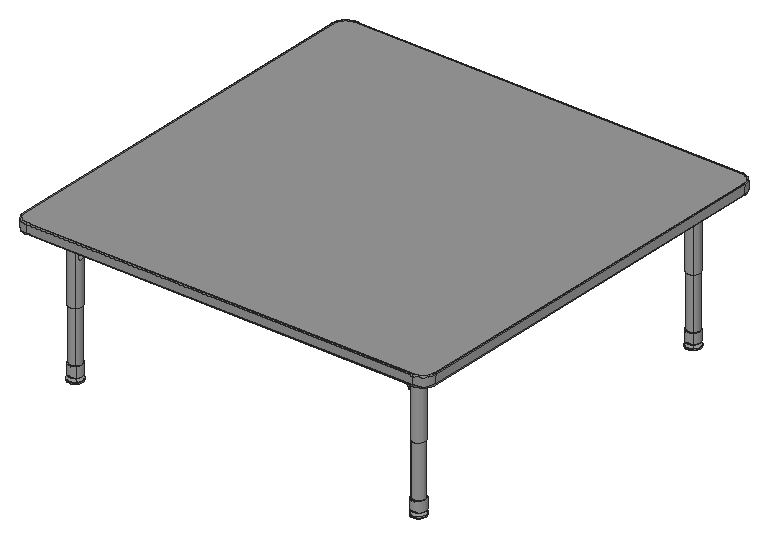
Revit family "Hierarchy Activity 48in Square Table - Youth Height", category Furniture, Revit 2018
Family settings
  Work Plane-Based = No
  Always vertical = Yes
  Cut with Voids When Loaded = No
  Shared = No
  Room Calculation Point = No
Parameters
  Table Height = 1' - 4"
  Surface = Hierarchy Activity 48" Square Table Standing Surface
  Leg Finish = Hierarchy Leg Platinum
  Edgeband = Hierarchy Activity 48" Square Table Standing Edgeband
  Caster/Glide = Hierarchy Youth Leg - Glide : Hierarchy Youth Leg - Glide
Reference planes (in)
  plane 1 "Center (Front/Back)": y = 0
  plane 2: z = 0
  plane 3 "Center (Left/Right)": x = 0
  plane 4: z = 16
Dimensions and locks (in)
  "Table Height": plane 4 to level
  aligned and locked: plane 2 to level
  aligned and locked: nested 1 to plane 4
Nested families (in)
  nested 1: "Activity 48x48 Tabletop" at (0, 0, -7.925), type "Activity 48x48 Tabletop"
  nested 2: "Hierarchy Youth Leg - Glide" at (-20, 20, 0) x (0.7071, 0.7071, 0) z (0, 0, 1), type <- "Caster/Glide", Leg Finish <- "Leg Finish", Leg Height <- "Table Height", type "Hierarchy Youth Leg - Glide"
    with Leg Height 1' - 4", Leg Finish Hierarchy Leg Platinum
  nested 3: "Hierarchy Youth Leg - Glide" at (-20, -20, 0) x (-0.7071, 0.7071, 0) z (0, 0, 1), type <- "Caster/Glide", Leg Finish <- "Leg Finish", Leg Height <- "Table Height", type "Hierarchy Youth Leg - Glide"
    with Leg Height 1' - 4", Leg Finish Hierarchy Leg Platinum
  nested 4: "Hierarchy Youth Leg - Glide" at (20, -20, 0) x (-0.7071, -0.7071, 0) z (0, 0, 1), Leg Finish <- "Leg Finish", Leg Height <- "Table Height", type "Hierarchy Youth Leg - Glide"
    with Leg Height 1' - 4", Leg Finish Hierarchy Leg Platinum
  nested 5: "Hierarchy Youth Leg - Glide" at (20, 20, 0) x (0.7071, -0.7071, 0) z (0, 0, 1), Leg Finish <- "Leg Finish", Leg Height <- "Table Height", type "Hierarchy Youth Leg - Glide"
    with Leg Height 1' - 4", Leg Finish Hierarchy Leg Platinum
Definition of nested family "Activity 48x48 Tabletop"
  Parameters (values of type "Activity 48x48 Tabletop")
    Surface = none
    Edgeband = none
  Reference planes (in)
    plane 1 "Center (Front/Back)": y = 0
    plane 2: z = 0
    plane 3 "Center (Left/Right)": x = 0
  Forms (in)
    Extrusion 1, solid, material <- "Surface"
      sketch origin (0, 3, 0) x (1, 0, 0) y (0, 1, 0)
        loop
          line (22.5, 20.88281) -> (-22.5, 20.88281)
          arc (-22.5, 20.88281) -> (-23.47714, 20.47807) -> (-23.88189, 19.50092) r 1.38189
          line (-23.88189, 19.50092) -> (-23.88189, -25.50092)
          arc (-23.88189, -25.50092) -> (-23.47714, -26.47807) -> (-22.5, -26.88281) r 1.38189
          line (-22.5, -26.88281) -> (22.5, -26.88281)
          arc (22.5, -26.88281) -> (23.47714, -26.47807) -> (23.88189, -25.50092) r 1.38189
          line (23.88189, -25.50092) -> (23.88189, 19.50092)
          arc (23.88189, 19.50092) -> (23.47714, 20.47807) -> (22.5, 20.88281) r 1.38189
      from 23.925 to 25.125
    Sweep 2, solid, material <- "Edgeband"
      path origin (0, 3, 0) x (1, 0, 0) y (0, 1, 0)
        loop
          line (22.5, 20.88281) -> (-22.5, 20.88281)
          arc (-22.5, 20.88281) -> (-23.47714, 20.47807) -> (-23.88189, 19.50092) r 1.38189
          line (-23.88189, 19.50092) -> (-23.88189, -25.50092)
          arc (-23.88189, -25.50092) -> (-23.47714, -26.47807) -> (-22.5, -26.88281) r 1.38189
          line (-22.5, -26.88281) -> (22.5, -26.88281)
          arc (22.5, -26.88281) -> (23.47714, -26.47807) -> (23.88189, -25.50092) r 1.38189
          line (23.88189, -25.50092) -> (23.88189, 19.50092)
          arc (23.88189, 19.50092) -> (23.47714, 20.47807) -> (22.5, 20.88281) r 1.38189
      profile origin (0, 23.88281, 0) x (0, -1, 0) y (0, 0, 1)
        loop
          arc (-0.11811, 24.04311) -> (-0.08352, 23.95959) -> (0, 23.925) r 0.11811
          line (0, 23.925) -> (0, 25.125)
          arc (0, 25.125) -> (-0.08352, 25.09041) -> (-0.11811, 25.00689) r 0.11811
          line (-0.11811, 25.00689) -> (-0.11811, 24.04311)
  Dimensions and locks (in)
    aligned and locked: plane 2 to level
Definition of nested family "Hierarchy Youth Leg - Glide"
  Parameters (values of type "Hierarchy Youth Leg - Glide")
    Leg Finish [instance] = none
    Leg Height [instance] = 1' - 4.80117"
  Reference planes (in)
    plane 1 "Center (Front/Back)": y = 0
    plane 2: z = 0
    plane 3 "Center (Left/Right)": x = 0
  Forms (in)
    Extrusion 1, solid
      sketch origin (-0.01562, 0, 0) x (1, 0, 0) y (0, 1, 0)
        loop
          circle (0.01563, 0) r 0.67016
      from 0.67618 to 10.55018
    Revolve 2, solid
      sketch origin (0, 0, 0) x (1, 0, 0) y (0, 0, 1)
        loop
          line (-0.73189, 1.80118) -> (-0.79439, 1.73867) -> (-0.79439, 0.61381) -> (-0.73176, 0.55118) -> (-0.125, 0.55118) -> (-0.125, 0.42618) -> (-0.84656, 0.16241) -> (-0.84656, 0.08994) -> (-0.81359, 0) -> (0, 0) -> (0, 1.80118) -> (-0.73189, 1.80118)
        axis (0, 1.80118) -> (0, 0)
      angle from 0 to 360
  Dimensions and locks (in)
    "Leg Height": nested 1 to level  (x2)
    aligned and locked: plane 2 to level
  Automatic sketch dimensions
    plane 1 "Center (Front/Back)" to Extrusion 1 sketch curve = 0' - 0"
    Extrusion 1 sketch curve to plane 3 "Center (Left/Right)" = 0' - 0"
    Revolve 2 sketch curve to level = 0' - 0"
    Revolve 2 sketch curve to plane 3 "Center (Left/Right)" = 0' - 0"  (x2)
    Revolve 2 sketch curve to plane 3 "Center (Left/Right)" = 0' - 0 1/8"
    Revolve 2 sketch curve to Revolve 2 sketch curve = 0' - 0.60676"
    Revolve 2 sketch curve to Revolve 2 sketch curve = 0' - 0.73189"
    Revolve 2 sketch curve to Revolve 2 sketch curve = 0' - 0.06263"  (x2)
    Revolve 2 sketch curve to Revolve 2 sketch curve = 0' - 0.08183"
    Revolve 2 sketch curve to Revolve 2 sketch curve = 0' - 0.03297"
    level to Revolve 2 sketch curve = 0' - 0.08994"
    Revolve 2 sketch curve to Revolve 2 sketch curve = 0' - 0.07247"
    level to Revolve 2 sketch curve = 0' - 0.42618"
    Revolve 2 sketch curve to Revolve 2 sketch curve = 0' - 0 1/8"
    Revolve 2 sketch curve to Revolve 2 sketch curve = 0' - 1.12486"
    Revolve 2 sketch curve to Revolve 2 sketch curve = 0' - 0 1/16"
    Revolve 2 sketch curve to level = 2' - 0"
    Revolve 2 sketch curve to Revolve 2 sketch curve = 8' - 4.91764"
    radius of Extrusion 1 sketch curve = 0' - 0.67016"
  Nested families (in)
    nested 1: "Hierarchy Youth Upper Leg 2023" at (0, 0, 0), Leg Finish <- "Leg Finish", type "Hierarchy Youth Upper Leg 2023"
      with Leg Finish none
  Definition of nested family "Hierarchy Youth Upper Leg 2023"
    Parameters (values of type "Hierarchy Youth Upper Leg 2023")
      Leg Finish [instance] = none
    Reference planes (in)
      plane 1 "Center (Front/Back)": y = 0
      plane 2: z = 0
      plane 3 "Center (Left/Right)": x = 0
    Forms (in)
      Extrusion 1, solid, material <- "Leg Finish"
        sketch origin (0, 0, -11.001) x (1, 0, 0) y (0, 1, 0)
          loop
            circle (0, 0) r 0.75
        from 19.67618 to 27.67618
      Extrusion 2, solid, material <- "Leg Finish"
        sketch origin (0, 0, -11.001) x (1, 0, 0) y (0, 1, 0)
          loop
            line (-1.70174, 0.19183) -> (-2.88626, -2.26116)
            arc (-2.88626, -2.26116) -> (-2.83993, -3.09822) -> (-2.1063, -3.50394) r 0.86614
            line (-2.1063, -3.50394) -> (2.1063, -3.50394)
            arc (2.1063, -3.50394) -> (2.83993, -3.09822) -> (2.88626, -2.26116) r 0.86614
            line (2.88626, -2.26116) -> (1.70174, 0.19183)
            arc (1.70174, 0.19183) -> (0, 1.25984) -> (-1.70174, 0.19183) r 1.88976
        from 27.67618 to 27.80217
      Extrusion 3, solid, material <- "Leg Finish"
        sketch origin (-1.48519, 8.66524, -11.001) x (-0.434844, 0.900506, 0) y (0, 0, 1)
          loop
            line (-9.01425, 27.67618) -> (-11.80952, 27.67618)
            arc (-11.80952, 27.67618) -> (-11.92325, 27.58993) -> (-11.87088, 27.45715) r 0.11811
            arc (-11.87088, 27.45715) -> (-10.39364, 26.29679) -> (-9.23328, 24.81955) r 7.87402
            arc (-9.23328, 24.81955) -> (-9.1005, 24.76717) -> (-9.01425, 24.88091) r 0.11811
            line (-9.01425, 24.88091) -> (-9.01425, 27.67618)
        from -1.94075 to -1.81476
      Extrusion 4, solid, material <- "Leg Finish"
        sketch origin (1.48519, 8.66524, -11.001) x (0.434844, 0.900506, 0) y (0, 0, -1)
          loop
            line (-9.01425, -27.67618) -> (-9.01425, -24.88091)
            arc (-9.01425, -24.88091) -> (-9.1005, -24.76717) -> (-9.23328, -24.81955) r 0.11811
            arc (-9.23328, -24.81955) -> (-10.39364, -26.29679) -> (-11.87088, -27.45715) r 7.87402
            arc (-11.87088, -27.45715) -> (-11.92325, -27.58993) -> (-11.80952, -27.67618) r 0.11811
            line (-11.80952, -27.67618) -> (-9.01425, -27.67618)
        from -1.94075 to -1.81476
    Dimensions and locks (in)
      aligned and locked: plane 2 to level
